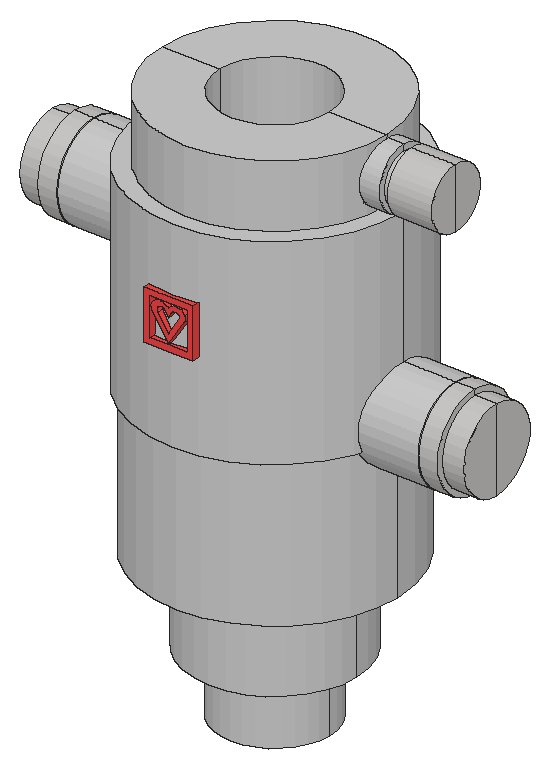
Revit family "Systemtrenner 0302", category Rohrzubehör, Revit 2019
Family settings
  Bemaßung runder Anschluss = Durchmesser verwenden
  Teiletyp = Unterbricht
  OmniClass-Nummer = 23.65.55.14
  OmniClass-Titel = Valves for Liquid Services
  Arbeitsebenenbasiert = Nein
  Immer vertikal = Ja
  Beim Laden mit Abzugskörper schneiden = Nein
  Gemeinsam genutzt = Nein
Parameters (values of type "DN15 (3/4"-3/4")")
  Max. zulässige Betriebstemperatur (kurzzeitig) = 80 °C  # constant formula
  Max. Betriebstemperatur = 65 °C  # constant formula
  URL = "www.herz-armaturen.at"
  Systemtrenner-Kartusche = "hochwertiger, kalkabweisender Kunststoff"  # constant formula
  SCTWSEQ = "AW;SBT_TYP_AW=\"104\";2"
  SCTWCODE = "04;12;02"  # constant formula
  S03 = 29.00 mm  # constant formula
  S02 = 53.00 mm  # constant formula
  S01 = 13.00 mm  # constant formula
  NennweiteEin [instance] = if([20_20], 20.00 mm, if([25_20], 25.00 mm, if([25_25], 25.00 mm, 0.00 mm)))  # 20.00 mm
  NennweiteAus [instance] = if([20_20], 20.00 mm, if([25_20], 20.00 mm, if([25_25], 25.00 mm, 0.00 mm)))  # 20.00 mm
  Max. Betriebsdruck = 1000000.0 Pa  # constant formula
  Medium = "Wasser (ohne Dampf)"  # constant formula
  LO01 = 70.00 mm  # constant formula
  IG (ein) [instance] = NennweiteEin / 2  # 10.00 mm
  Hinweis = "Gemäß Art 33 der REACH-Verordnung (EG Nr. 1907/2006) sind wir verpflichtet, darauf hinzuweisen, dass der Stoff Blei auf der SVHC-Liste geführt wird und dass alle aus Messing bestehenden Bauteile, die in unseren Erzeugnissen verarbeitet sind, mehr als 0,1 % (w/w) Blei (CAS: 7439-92-1 / EINECS: 231-100-4) enthalten.\r\nDa Blei als Legierungsbestandteil fest gebunden ist, sind keine Expositionen zu erwarten und daher sind keine zusätzlichen Angaben zur sicheren Verwendung notwendig."
  Hersteller = "HERZ Armaturen Ges.m.b.H."  # constant formula
  H09 = 7.50 mm  # constant formula
  H08 = 24.50 mm  # constant formula
  H07 = 8.50 mm  # constant formula
  H06 = 57.50 mm  # constant formula
  H05 = 6.00 mm  # constant formula
  H04 = 11.50 mm  # constant formula
  H03 = 54.00 mm  # constant formula
  H02 = 27.00 mm  # constant formula
  H01 = 102.00 mm  # constant formula
  Gehäuse = "Pressmessing (CW617N), verchromt"  # constant formula
  GT (IG) [instance] = if([20_20], 11.30 mm, if([25_20], 12.50 mm, if([25_25], 12.50 mm, 0.00 mm)))  # 11.30 mm
  GT (AG) [instance] = if([20_20], 11.30 mm, if([25_20], 12.50 mm, if([25_25], 12.50 mm, 0.00 mm)))  # 11.30 mm
  Einbaulage = "senkrecht"  # constant formula
  Dichtungen = "EPDM"  # constant formula
  D10 = 4.00 mm  # constant formula
  D09 = 40.50 mm  # constant formula
  D08 = 4.50 mm  # constant formula
  D07 = 5.50 mm  # constant formula
  D06 = 33.00 mm  # constant formula
  D05 [instance] = (NennweiteEin / 2) + 1.00 mm  # 11.00 mm
  D04 = 15.00 mm  # constant formula
  D03 = 22.50 mm  # constant formula
  D02 = 23.50 mm  # constant formula
  D01 = 20.50 mm  # constant formula
  Bestellnummer = if([20_20], "I030202", if([25_20], "I030203", if([25_25], "I030213", "0")))  # "I030202"
  Ausführung = "Der Systemtrenner BA wurde nach der Norm DIN EN 1717 entwickelt.\r\nLaut dieser Norm ist die Wasserqualität je nach Grad der Verschmutzung in 5 Klassen eingeteilt.\r\nDer Systemtrenner Typ BA erlaubt Absicherung gegen Nichttrinkwasser bis zur Gefahrenklasse 4, der höchsten Gefahrenklasse, die mit einer Armatur abgesichert werden kann.\r\nSystemtrenner komplett mit Sicherungsschraube gegen Manipulationen, Sieb gegen Schmutzeintrag.\r\nDiese Filterscheibe muss richtig in die Armatur hingesetzt werden, so dass die Funktion gewehrleistet werden kann.\r\nDichtung darauf legen.\r\nDer Einbau eines Schmutzfängers vor dem Systemtrenner hilft, um eine dauerhafte und einwandfreie Funktion zu gewährleisten.\r\nDer Systemtrenner kann nur senkrecht montiert werden.\r\nDer Herz- Systemtrenner ist frostsicher."
  Anwendung = "Der Systemtrenner ist zum nachträglichen Anbau an eine Entnahmearmatur mit Schlauchanschluss konzipiert.\r\nDank seiner kompakten Bauform schliesst dieser Systemtrenner die Lücke überall dort, wo eine Anbindung an das Abwasser notwendig ist."
  AG (aus) [instance] = NennweiteAus / 2  # 10.00 mm
  25_25 = no
  25_20 = no
  20_20 = yes
Types (4, lengths in mm): name | NennweiteEin | NennweiteAus | IG (ein) | GT (IG) | GT (AG) | D05 | Bestellnummer | AG (aus) | 25_25 | 25_20 | 20_20
  (no name) | 20.00 | 20.00 | 10.00 | 11.30 | 11.30 | 11.00 | "I030202" | 10.00 | no | no | yes
  DN15 (3/4"-3/4") | 20.00 | 20.00 | 10.00 | 11.30 | 11.30 | 11.00 | "I030202" | 10.00 | no | no | yes
  DN20 (1"-3/4") | 25.00 | 20.00 | 12.50 | 12.50 | 12.50 | 13.50 | "I030203" | 10.00 | no | yes | no
  DN20 (1"-1") | 25.00 | 25.00 | 12.50 | 12.50 | 12.50 | 13.50 | "I030213" | 12.50 | yes | no | no
Reference planes
  plane 1 "Mitte (Vorne/hinten)": y = 0
  plane 2: z = 0
  plane 3 "Mitte (Links/rechts)": x = 0
Forms (mm)
  Revolve 1, solid, material "Messing, vernickelt", detail levels fine
    sketch origin (0, 0, 0) x (1, 0, 0) y (0, 0, 1)
      loop
        line (0, 0) -> (0, 90.7) -> (-10, 90.7) -> (-10, 102) -> (-20.5, 102) -> (-20.5, 90.5) -> (-23.5, 90.5) -> (-23.5, 54) -> (-22.5, 54) -> (-22.5, 27) -> (-15, 27) -> (-15, 11.3) -> (-10, 11.3) -> (-10, 0) -> (0, 0)
      axis (0, 102) -> (0, 0)
    angle from 0 to 360
  Revolve 2, solid, material "Messing, vernickelt", detail levels fine
    sketch origin (0, 0, 0) x (1, 0, 0) y (0, 0, 1)
      loop
        line (11, 101.5) -> (11, 96) -> (23.5, 96) -> (23.5, 101.5) -> (11, 101.5)
      axis (11, 96) -> (23.5, 96)
    angle from 0 to 360
  Revolve 3, solid, material "Messing, vernickelt", detail levels fine
    sketch origin (0, 0, 0) x (1, 0, 0) y (0, 0, 1)
      loop
        line (0, 66) -> (0, 57.5) -> (33, 57.5) -> (33, 66) -> (0, 66)
      axis (33, 57.5) -> (0, 57.5)
    angle from 0 to 360
  Revolve 4, solid, material "Messing, vernickelt", detail levels fine
    sketch origin (0, 0, 0) x (1, 0, 0) y (0, 0, 1)
      loop
        line (0, 77.5) -> (0, 86) -> (-33, 86) -> (-33, 77.5) -> (0, 77.5)
      axis (-33, 77.5) -> (0, 77.5)
    angle from 0 to 360
  Revolve 5, solid, material "Edelstahl", detail levels fine
    sketch origin (0, 0, 0) x (1, 0, 0) y (0, 0, 1)
      loop
        line (23.5, 96) -> (33, 96) -> (33, 101.5) -> (25, 101.5) -> (25, 100.5) -> (23.5, 100.5) -> (23.5, 96)
      axis (23.5, 96) -> (33, 96)
    angle from 0 to 360
  Revolve 6, solid, material "Edelstahl", detail levels fine
    sketch origin (0, 0, 0) x (1, 0, 0) y (0, 0, 1)
      loop
        line (33, 57.5) -> (40.5, 57.5) -> (40.5, 65) -> (36.5, 65) -> (36.5, 66) -> (33, 66) -> (33, 57.5)
      axis (33, 57.5) -> (40.5, 57.5)
    angle from 0 to 360
  Revolve 7, solid, material "Edelstahl", detail levels fine
    sketch origin (0, 0, 20) x (-1, 0, 0) y (0, 0, 1)
      loop
        line (33, 57.5) -> (40.5, 57.5) -> (40.5, 65) -> (36.5, 65) -> (36.5, 66) -> (33, 66) -> (33, 57.5)
      axis (33, 57.5) -> (40.5, 57.5)
    angle from 0 to 360
Lines and regions (mm)
  model lines, detail levels coarse+medium
    curve 1: line (-23.5, 0, 102) -> (23.5, 0, 102)
    curve 2: line (-23.5, 0, 0) -> (-23.5, 0, 102)
    curve 3: line (23.5, 0, 0) -> (-23.5, 0, 0)
    curve 4: line (23.5, 0, 102) -> (23.5, 0, 0)
    curve 5: line (-10.5, 0, 102) -> (-10.5, 0, 49)
    curve 6: line (-10.5, 0, 29) -> (-10.5, 0, 0)
    curve 7: line (10.5, 0, 102) -> (10.5, 0, 49)
    curve 8: line (10.5, 0, 29) -> (10.5, 0, 0)
    curve 9: line (0, 23.5, 102) -> (0, -23.5, 102)
    curve 10: line (0, 23.5, 0) -> (0, 23.5, 102)
    curve 11: line (0, -23.5, 0) -> (0, 23.5, 0)
    curve 12: line (0, -23.5, 102) -> (0, -23.5, 0)
    curve 13: line (0, 10.5, 102) -> (0, 10.5, 49)
    curve 14: line (0, 10.5, 29) -> (0, 10.5, 0)
    curve 15: line (0, -10.5, 102) -> (0, -10.5, 49)
    curve 16: line (0, -10.5, 29) -> (0, -10.5, 0)
Dimensions and locks
  "H01": Revolve 1 sketch curve to plane 2
  "IG (ein)": Revolve 1 sketch curve to plane 3 "Mitte (Links/rechts)"
  "AG (aus)": Revolve 1 sketch curve to plane 3 "Mitte (Links/rechts)"
  "GT (IG)": Revolve 1 sketch curve to Revolve 1 sketch curve
  "GT (AG)": Revolve 1 sketch curve to Revolve 1 sketch curve
  "D01": Revolve 1 sketch curve to plane 3 "Mitte (Links/rechts)"
  "D02": plane 3 "Mitte (Links/rechts)" to Revolve 1 sketch curve
  "D03": Revolve 1 sketch curve to plane 3 "Mitte (Links/rechts)"
  "D04": Revolve 1 sketch curve to plane 3 "Mitte (Links/rechts)"
  "H02": Revolve 1 sketch curve to plane 2
  "H03": Revolve 1 sketch curve to plane 2
  "H04": Revolve 1 sketch curve to Revolve 1 sketch curve
  "H05": Revolve 1 to Revolve 2 sketch curve
  "D02": Revolve 2 sketch curve to plane 3 "Mitte (Links/rechts)"
  "D05": Revolve 2 sketch curve to plane 3 "Mitte (Links/rechts)"
  "H06": Revolve 3 sketch curve to plane 2
  "H07": Revolve 3 sketch curve to Revolve 3 sketch curve
  "D06": Revolve 3 sketch curve to plane 3 "Mitte (Links/rechts)"
  "D06": plane 3 "Mitte (Links/rechts)" to Revolve 4 sketch curve
  "H07": Revolve 4 sketch curve to Revolve 4 sketch curve
  "H08": Revolve 1 to Revolve 4 sketch curve
  "D06": Revolve 5 sketch curve to plane 3 "Mitte (Links/rechts)"
  Revolve 5 sketch curve to Revolve 5 sketch curve = 1.50 mm
  "D02": Revolve 5 sketch curve to plane 3 "Mitte (Links/rechts)"
  "D07": Revolve 5 sketch curve to Revolve 5 sketch curve
  "H05": Revolve 1 to Revolve 5 sketch curve
  "D07": Revolve 2 sketch curve to Revolve 2 sketch curve
  "D08": Revolve 5 sketch curve to Revolve 5 sketch curve
  "D06": plane 3 "Mitte (Links/rechts)" to Revolve 6 sketch curve
  "D09": Revolve 6 sketch curve to plane 3 "Mitte (Links/rechts)"
  "D10": Revolve 6 sketch curve to Revolve 6 sketch curve
  "H07": Revolve 6 sketch curve to Revolve 6 sketch curve
  "H09": Revolve 6 sketch curve to Revolve 6 sketch curve
  "D10": Revolve 7 sketch curve to Revolve 7 sketch curve
  "H07": Revolve 7 sketch curve to Revolve 7 sketch curve
  "H09": Revolve 7 sketch curve to Revolve 7 sketch curve
  "H08": Revolve 1 to Revolve 7 sketch curve
  "D06": plane 3 "Mitte (Links/rechts)" to Revolve 7 sketch curve
  "D09": plane 3 "Mitte (Links/rechts)" to Revolve 7 sketch curve
  "D02": nested 1 to plane 1 "Mitte (Vorne/hinten)"
  "LO01": nested 1 to plane 2
  "H01": curve 1 to plane 2
  "D02": curve 4 to plane 3 "Mitte (Links/rechts)" to curve 2
  "S01": curve 2 to curve 5
  "S01": curve 7 to curve 4
  "S01": curve 6 to curve 2
  "S01": curve 8 to curve 4
  "S02": curve 1 to curve 7
  "S02": curve 1 to curve 5
  "S03": curve 8 to curve 3
  "S03": curve 6 to curve 3
  "H01": curve 9 to plane 2
  "S03": curve 16 to plane 2
  "S02": curve 15 to curve 9
  "S01": curve 15 to curve 12
  "S01": curve 10 to curve 13
  "D02": curve 10 to plane 1 "Mitte (Vorne/hinten)" to curve 12
  "S01": curve 10 to curve 14
  "S01": curve 16 to curve 12
  "S03": curve 14 to plane 2
  "S02": curve 13 to curve 9
  aligned and locked: level to plane 2
Automatic sketch dimensions
  curve 16 to level = 0.00 mm
  curve 8 to level = 0.00 mm
  Revolve 1 sketch curve to plane 3 "Mitte (Links/rechts)" = 0.00 mm  (x2)
  Revolve 1 sketch curve to level = 0.00 mm
  Revolve 1 sketch curve to level = 366.045 mm
  Revolve 1 sketch curve to Revolve 1 sketch curve = 2112.315 mm
  Revolve 2 sketch curve to Revolve 2 sketch curve = 0.00 mm  (x3)
  Revolve 3 sketch curve to plane 3 "Mitte (Links/rechts)" = 0.00 mm  (x2)
  Revolve 3 sketch curve to Revolve 3 sketch curve = 0.00 mm  (x2)
  Revolve 4 sketch curve to plane 3 "Mitte (Links/rechts)" = 0.00 mm  (x2)
  Revolve 4 sketch curve to Revolve 4 sketch curve = 0.00 mm  (x2)
  Revolve 5 sketch curve to Revolve 5 sketch curve = 0.00 mm  (x3)
  level to Revolve 6 sketch curve = 57.50 mm
  Revolve 6 sketch curve to Revolve 6 sketch curve = 0.00 mm  (x3)
  Revolve 7 sketch curve to Revolve 7 sketch curve = 0.00 mm  (x3)
Nested families
  nested 1: "Herz-Logo-vorne" at (0, -23.5, 74.5) x (0, 1, 0) z (0, 0, 1), type "Herz-Logo-vorne", detail levels fine
Connectors
  piping at (0, 0, 90.7), diameter 20, driven by "NennweiteEin"
    settings: on Revolve 1, index 1, connector inside diameter 609.6 mm, connector length 0.00 mm, flow factor 0, pipe flow 0.0 L/s, pressure drop 0.0 Pa, fitting loss kfactor 0, connector angle 0.00°, fixture units 0, engagement length 0.00 mm, angle of deflection 0.00°, flow configuration 0, flow direction 1, fitting loss method 0, system type 29, joint type 0, gender type 0, connector reference index -1, connector utility 0, adjustable connector no, is connector primary yes, connector description ""
  piping at (0, 0, 0), diameter 20, driven by "NennweiteAus"
    settings: on Revolve 1, index 2, connector inside diameter 609.6 mm, connector length 0.00 mm, flow factor 0, pipe flow 0.0 L/s, pressure drop 0.0 Pa, fitting loss kfactor 0, connector angle 0.00°, fixture units 0, engagement length 0.00 mm, angle of deflection 0.00°, flow configuration 0, flow direction 2, fitting loss method 0, system type 29, joint type 0, gender type 0, connector reference index -1, connector utility 0, adjustable connector no, is connector primary no, connector description ""
Definition of nested family "Herz-Logo-vorne"
  Reference planes
    plane 1 "Mitte (Vorne/hinten)": y = 0
    plane 2: z = 0
    plane 3 "Mitte (Links/rechts)": x = 0
  Forms (mm)
    Extrusion 1, solid
      sketch origin (0.732, -0.018, 0.017) x (0, -1, 0) y (0, 0, 1)
        loop
          line (-0.018, -4.517) -> (4.482, -4.517) -> (4.482, 4.483) -> (-4.518, 4.483) -> (-4.518, -4.517) -> (-0.018, -4.517)
        loop
          line (-0.05, -3.48) -> (3.482, -3.48) -> (3.482, 3.483) -> (-3.518, 3.483) -> (-3.518, -3.48) -> (-0.05, -3.48)
        loop
          arc (-0.018, 2.383) -> (-1.543, 3.287) -> (-3.067, 2.383) r 1.738
          arc (-3.067, 2.383) -> (-3.191, 1.899) -> (-3.067, 1.415) r 1.009
          line (-3.067, 1.415) -> (-0.018, -3.281) -> (3.032, 1.415)
          arc (3.032, 1.415) -> (3.156, 1.899) -> (3.032, 2.383) r 1.009
          arc (3.032, 2.383) -> (1.507, 3.287) -> (-0.018, 2.383) r 1.738
        loop
          arc (1.885, 1.272) -> (2.005, 1.675) -> (1.885, 2.079) r 0.74
          arc (1.885, 2.079) -> (1.265, 2.416) -> (0.644, 2.079) r 0.74
          line (0.644, 2.079) -> (-0.018, 0.97) -> (-0.679, 2.079)
          arc (-0.679, 2.079) -> (-1.3, 2.416) -> (-1.921, 2.079) r 0.74
          arc (-1.921, 2.079) -> (-2.04, 1.675) -> (-1.921, 1.272) r 0.74
          line (-1.921, 1.272) -> (-0.018, -1.658) -> (1.885, 1.272)
      from 0 to 1.5
  Dimensions and locks
    aligned and locked: level to plane 2
